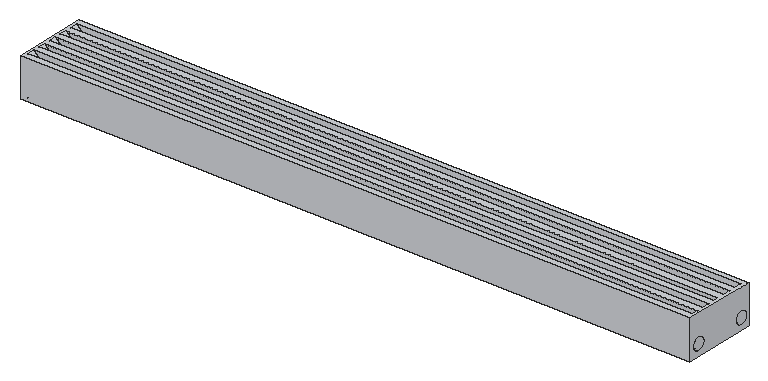
Revit family "SL06", category Mechanical Equipment, Revit 2017
Family settings
  Round Connector Dimension = Use Diameter
  Part Type = Normal
  OmniClass Number = 23.75.00.00
  OmniClass Title = Climate Control (HVAC)
  Work Plane-Based = No
  Always vertical = Yes
  Cut with Voids When Loaded = No
  Shared = No
  Room Calculation Point = No
Parameters
  Width = 131 mm
  Length = 1200 mm
  Height = 200 mm
Reference planes
  plane 1 "Center (Front/Back)": y = 0
  plane 2: z = 0
  plane 3 "Center (Left/Right)": x = 0
  plane 4: x = 0
  plane 5: x = -600
  plane 6: x = 600
  plane 7: x = -595
  plane 8: x = -580
  plane 9: x = 595
  plane 10: x = 580
  plane 11: x = 597
  plane 12: x = -597
  plane 13: z = 270
  plane 14: z = 255
  plane 15: z = 215
  plane 16: z = 200
  plane 17: y = -3
  plane 18: y = -131
  plane 19: y = -128
  plane 20: y = -113
  plane 21: y = -18
  plane 22: x = -530
  plane 23: x = 530
  plane 24: x = -533
  plane 25: x = 533
  plane 26 "Center": y = -65.5
Forms (mm)
  Extrusion 1, solid
    sketch origin (0, 0, 0) x (1, 0, 0) y (0, 0, 1)
      loop
        line (-600, 270) -> (-600, 200) -> (-595, 200) -> (-580, 215) -> (-580, 255) -> (-595, 270) -> (-600, 270)
      loop
        line (600, 270) -> (595, 270) -> (580, 255) -> (580, 215) -> (595, 200) -> (600, 200) -> (600, 270)
    from 0 to 131
  Extrusion 2, solid
    sketch origin (0, 0, 0) x (1, 0, 0) y (0, 1, 0)
      loop
        line (-595, 0) -> (-595, -11) -> (595, -11) -> (595, 0) -> (-595, 0)
    from 200 to 270
  Extrusion 3, solid
    sketch origin (0, -24, 0) x (1, 0, 0) y (0, 1, 0)
      loop
        line (-595, 0) -> (-595, -11) -> (595, -11) -> (595, 0) -> (-595, 0)
    from 200 to 270
  Extrusion 4, solid
    sketch origin (0, -48, 0) x (1, 0, 0) y (0, 1, 0)
      loop
        line (-595, 0) -> (-595, -11) -> (595, -11) -> (595, 0) -> (-595, 0)
    from 200 to 270
  Extrusion 5, solid
    sketch origin (0, -72, 0) x (1, 0, 0) y (0, 1, 0)
      loop
        line (-595, 0) -> (-595, -11) -> (595, -11) -> (595, 0) -> (-595, 0)
    from 200 to 270
  Extrusion 6, solid
    sketch origin (0, -96, 0) x (1, 0, 0) y (0, 1, 0)
      loop
        line (-595, 0) -> (-595, -11) -> (595, -11) -> (595, 0) -> (-595, 0)
    from 200 to 270
  Extrusion 7, solid
    sketch origin (0, -120, 0) x (1, 0, 0) y (0, 1, 0)
      loop
        line (-595, 0) -> (-595, -11) -> (595, -11) -> (595, 0) -> (-595, 0)
    from 200 to 270
  Extrusion 8, solid
    sketch origin (0, 0, 0) x (0, 1, 0) y (0, 0, 1)
      loop
        circle (-17.5, 222) r 10.5
      loop
        circle (-113.5, 222) r 10.5
    from -600 to -602
  Extrusion 9, solid
    sketch origin (0, 0, 0) x (0, 1, 0) y (0, 0, -1)
      loop
        circle (-17.5, -222) r 10.5
      loop
        circle (-113.5, -222) r 10.5
    from -600 to -602
Cuts and joins
  joined: Extrusion 1, Extrusion 2, Extrusion 3, Extrusion 4, Extrusion 5, Extrusion 6, Extrusion 7
Dimensions and locks
  equal spacing: plane 5, plane 4, plane 6
  "Length": plane 5 to plane 6
  locked: plane 7 to plane 8 at 15
  locked: plane 5 to plane 7 at 5
  locked: plane 9 to plane 10 at 15
  locked: plane 6 to plane 9 at 5
  locked: plane 11 to plane 6 at 3
  locked: plane 5 to plane 12 at 3
  "Height": plane 16 to level
  locked: plane 13 to plane 14 at 15
  locked: plane 13 to plane 16 at 70
  locked: plane 15 to plane 16 at 15
  "Width": plane 18 to plane 1 "Center (Front/Back)"
  locked: plane 23 to plane 6 at 70
  locked: plane 17 to plane 1 "Center (Front/Back)" at 3
  locked: plane 19 to plane 18 at 3
  locked: plane 21 to plane 1 "Center (Front/Back)" at 18
  locked: plane 20 to plane 18 at 18
  locked: plane 24 to plane 22 at 3
  locked: plane 23 to plane 25 at 3
  Extrusion 2 sketch curve to Extrusion 2 sketch curve = 11 mm
  Extrusion 3 sketch curve to Extrusion 3 sketch curve = 11 mm
  Extrusion 4 sketch curve to Extrusion 4 sketch curve = 11 mm
  Extrusion 5 sketch curve to Extrusion 5 sketch curve = 11 mm
  Extrusion 6 sketch curve to Extrusion 6 sketch curve = 11 mm
  Extrusion 7 sketch curve to Extrusion 7 sketch curve = 11 mm
  locked: plane 5 to plane 22 at 70
  equal spacing: plane 18, plane 26 "Center", plane 1 "Center (Front/Back)"
  locked: Extrusion 2 to Extrusion 2 at 11
  locked: Extrusion 3 to Extrusion 2 at 13
  plane 21 to Extrusion 3 to Extrusion 3 = 6 mm locked, 11 mm locked
  locked: Extrusion 4 to Extrusion 3 at 13
  locked: Extrusion 4 to Extrusion 4 at 11
  locked: Extrusion 5 to Extrusion 4 at 13
  locked: Extrusion 5 to Extrusion 5 at 11
  locked: Extrusion 6 to Extrusion 5 at 13
  locked: Extrusion 6 to Extrusion 6 at 11
  locked: Extrusion 7 to Extrusion 6 at 13
  locked: Extrusion 7 to Extrusion 7 at 11
  locked: plane 1 "Center (Front/Back)" to Extrusion 8 sketch curve at 17.5
  Extrusion 8 sketch curve to plane 16 = 22 mm
  locked: Extrusion 8 sketch curve to plane 18 at 17.5
  locked: Extrusion 8 sketch curve to plane 16 at 22
  locked: plane 5 to Extrusion 8 at 2
  locked: plane 6 to Extrusion 9 at 2
  aligned and locked: level to plane 2
  aligned and locked: plane 5 to Extrusion 1 sketch curve
  aligned and locked: Extrusion 1 sketch curve to plane 8
  aligned and locked: plane 16 to Extrusion 1 sketch curve
  aligned and locked: Extrusion 1 sketch curve to plane 13
  aligned and locked: Extrusion 1 sketch curve to plane 6
  aligned and locked: plane 13 to Extrusion 1 sketch curve
  aligned and locked: plane 10 to Extrusion 1 sketch curve
  aligned and locked: Extrusion 1 sketch curve to plane 16
  aligned and locked: plane 13 to Extrusion 2
  aligned and locked: Extrusion 2 to plane 16
  aligned and locked: Extrusion 7 to plane 9
  aligned and locked: Extrusion 6 to plane 9
  aligned and locked: Extrusion 5 to plane 9
  aligned and locked: Extrusion 4 to plane 9
  aligned and locked: Extrusion 3 to plane 9
  aligned and locked: Extrusion 2 to plane 9
  aligned and locked: plane 13 to Extrusion 7
  aligned and locked: plane 13 to Extrusion 6
  aligned and locked: plane 13 to Extrusion 5
  aligned and locked: plane 13 to Extrusion 4
  aligned and locked: plane 13 to Extrusion 3
  aligned and locked: Extrusion 7 to plane 16
  aligned and locked: Extrusion 6 to plane 16
  aligned and locked: Extrusion 5 to plane 16
  aligned and locked: Extrusion 4 to plane 16
  aligned and locked: Extrusion 3 to plane 16
  aligned and locked: Extrusion 1 to plane 18
  aligned and locked: plane 6 to Extrusion 9
  aligned and locked: plane 5 to Extrusion 8
Automatic sketch dimensions
  Extrusion 1 sketch curve to plane 7 = 0 mm  (x2)
  plane 9 to Extrusion 1 sketch curve = 0 mm  (x2)
  Extrusion 1 sketch curve to plane 15 = 0 mm  (x2)
  Extrusion 1 sketch curve to plane 14 = 0 mm  (x2)
  plane 1 "Center (Front/Back)" to Extrusion 2 sketch curve = 0 mm
  Extrusion 2 sketch curve to plane 7 = 0 mm
  Extrusion 2 sketch curve to plane 9 = 0 mm
  Extrusion 3 sketch curve to plane 7 = 0 mm
  Extrusion 3 sketch curve to plane 9 = 0 mm
  Extrusion 3 sketch curve to plane 21 = 17 mm
  Extrusion 4 sketch curve to plane 7 = 0 mm
  Extrusion 4 sketch curve to plane 9 = 0 mm
  Extrusion 4 sketch curve to plane 21 = 41 mm
  Extrusion 5 sketch curve to plane 7 = 0 mm
  Extrusion 5 sketch curve to plane 9 = 0 mm
  Extrusion 5 sketch curve to plane 21 = 65 mm
  Extrusion 6 sketch curve to plane 7 = 0 mm
  Extrusion 6 sketch curve to plane 9 = 0 mm
  Extrusion 6 sketch curve to plane 26 "Center" = 41.5 mm
  Extrusion 7 sketch curve to plane 7 = 0 mm
  Extrusion 7 sketch curve to plane 9 = 0 mm
  Extrusion 7 sketch curve to plane 26 "Center" = 65.5 mm
  Extrusion 9 sketch curve to plane 20 = 0.5 mm
  plane 21 to Extrusion 9 sketch curve = 0.5 mm
  Extrusion 9 sketch curve to plane 15 = 7 mm  (x2)
  radius of Extrusion 8 sketch curve = 10.5 mm  (x2)
  radius of Extrusion 9 sketch curve = 10.5 mm  (x2)
